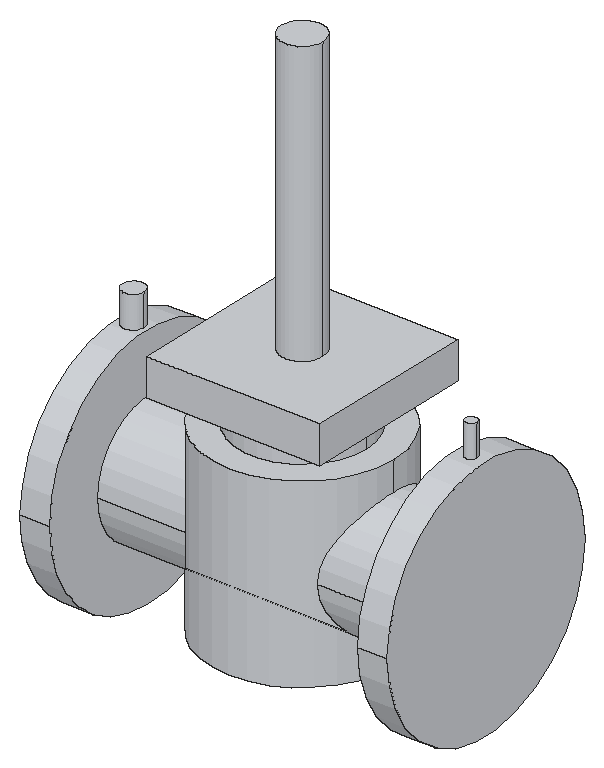
Revit family "OPTIMA_Compact_FLANGE_PN25_DN100-LF_RFA_2018", category Pipe Accessories, Revit 2018
Family settings
  Round Connector Dimension = Use Diameter
  Part Type = Valve - Breaks Into
  Work Plane-Based = No
  Always vertical = Yes
  Cut with Voids When Loaded = No
  Shared = No
Parameters (values of type "Optima Compact Flange PN25 DN100 LF")
  magiProductId = "Frese Optima Flange DN100 LF"
  magiProductFamilyId = "Frese Optima Flange *"
  magiPartTypeId = 304
  isMeasuringValve [instance] = no
  ang2D [instance] = 0.00°
  W2D = 50 mm
  VersionID = "2.0/2018.8.28.1/FRESE_OPTIMA_FLANGE_Q13_002"
  Use Minimum Symbol Size [instance] = yes
  URL = "www.hydronic.cz"
  Type Comments = "Přírubový; PN25; 0~120°C, s měřením"
  R4 = 61.25 mm
  R3 = 61.1 mm
  R1 = 87.5 mm
  QmdConnectorList = "301;D;302;D"
  Productdata [instance] = ""
  Manufacturer = "Hydronic Systems Prague s.r.o."
  MC Product Code = "53-1223 (DN100 LF; 40mm; pohon min 1000N; Qmin-dpmin 12100l/h-20.0kPa; Qmax-dpmin 68000l/h-35.0kPa; dpmax 800kPa)"
  MC Piping Given Pressure Drop [instance] = 0.0 Pa
  LF__ve = -LF  # -28 mm
  LF2 = 14 mm
  LF = 28 mm
  L4 = 164.5 mm
  L3 = 294 mm
  L2D_Min = 3048 mm
  L2D = 230 mm
  L2 = 175 mm
  H6 = 268.75 mm
  H4 = 35.25 mm
  H3 = 29.375 mm
  H2 = 88.125 mm
  H1 = 176.25 mm
  Description = "Tlakově nezávislý 2-cestný regulační vyvažovací ventil (PICV)"
  DF2 = 117.5 mm
  D = 100 mm
  CAT0 = yes
Types (14, lengths in mm): name | magiProductId | magiProductFamilyId | W2D | Type Comments | R4 | R3 | R1 | MC Product Code | LF__ve | LF2 | LF | L4 | L3 | L2D | L2 | H6 | H4 | H3 | H2 | H1 | DF2 | D
  Optima Compact Flange PN25 DN050 LF | "Frese Optima Flange DN050 LF" | "Frese Optima Flange *" | 50 | "Přírubový; PN25; 0~120°C, s měřením" | 40.3 | 42.9 | 57.5 | "53-1220 (DN50 LF; 20mm; pohon min 1000N; Qmin-dpmin 2500l/h-6.5kPa; Qmax-dpmin 15000l/h-20.0kPa; dpmax 800kPa)" | -18.4 | 9.2 | 18.4 | 108.1 | 193.2 | 230 | 115 | 157.3 | 24.8 | 20.6 | 61.9 | 123.8 | 82.5 | 50
  Optima Compact Flange PN25 DN050 HF | "Frese Optima Flange DN050 HF" | "Frese Optima Flange *" | 50 | "Přírubový; PN25; 0~120°C, s měřením" | 40.25 | 42.9 | 57.5 | "53-1230 (DN50 HF; 20mm; pohon min 1000N; Qmin-dpmin 3900l/h-19.0kPa; Qmax-dpmin 24000l/h-50.0kPa; dpmax 800kPa)" | -18.4 | 9.2 | 18.4 | 108.1 | 193.2 | 230 | 115 | 157.25 | 24.75 | 20.625 | 61.875 | 123.75 | 82.5 | 50
  Optima Compact Flange PN25 DN065 LF | "Frese Optima Flange DN065 LF" | "Frese Optima Flange *" | 50 | "Přírubový; PN25; 0~120°C, s měřením" | 50.75 | 48.1 | 72.5 | "53-1221 (DN65 LF; 20mm; pohon min 1000N; Qmin-dpmin 4400l/h-15.0kPa; Qmax-dpmin 25000l/h-25.0kPa; dpmax 800kPa)" | -23.2 | 11.6 | 23.2 | 136.3 | 243.6 | 230 | 145 | 171.25 | 27.75 | 23.125 | 69.375 | 138.75 | 92.5 | 65
  Optima Compact Flange PN25 DN065 HF | "Frese Optima Flange DN065 HF" | "Frese Optima Flange *" | 50 | "Přírubový; PN25; 0~120°C, s měřením" | 50.75 | 48.1 | 72.5 | "53-1231 (DN65 HF; 20mm; pohon min 1000N; Qmin-dpmin 6000l/h-30.0kPa; Qmax-dpmin 35000l/h-55.0kPa; dpmax 800kPa)" | -23.2 | 11.6 | 23.2 | 136.3 | 243.6 | 230 | 145 | 171.25 | 27.75 | 23.125 | 69.375 | 138.75 | 92.5 | 65
  Optima Compact Flange PN25 DN080 LF | "Frese Optima Flange DN080 LF" | "Frese Optima Flange *" | 50 | "Přírubový; PN25; 0~120°C, s měřením" | 54.25 | 52 | 77.5 | "53-1222 (DN80 LF; 20mm; pohon min 1000N; Qmin-dpmin 5300l/h-16.0kPa; Qmax-dpmin 34000l/h-25.0kPa; dpmax 800kPa)" | -24.8 | 12.4 | 24.8 | 145.7 | 260.4 | 230 | 155 | 183 | 30 | 25 | 75 | 150 | 100 | 80
  Optima Compact Flange PN25 DN080 HF | "Frese Optima Flange DN080 HF" | "Frese Optima Flange *" | 50 | "Přírubový; PN25; 0~120°C, s měřením" | 54.25 | 52 | 77.5 | "53-1232 (DN80 HF; 20mm; pohon min 1000N; Qmin-dpmin 7000l/h-23.0kPa; Qmax-dpmin 43000l/h-50.0kPa; dpmax 800kPa)" | -24.8 | 12.4 | 24.8 | 145.7 | 260.4 | 230 | 155 | 183 | 30 | 25 | 75 | 150 | 100 | 80
  Optima Compact Flange PN25 DN100 LF | "Frese Optima Flange DN100 LF" | "Frese Optima Flange *" | 50 | "Přírubový; PN25; 0~120°C, s měřením" | 61.25 | 61.1 | 87.5 | "53-1223 (DN100 LF; 40mm; pohon min 1000N; Qmin-dpmin 12100l/h-20.0kPa; Qmax-dpmin 68000l/h-35.0kPa; dpmax 800kPa)" | -28 | 14 | 28 | 164.5 | 294 | 230 | 175 | 268.75 | 35.25 | 29.375 | 88.125 | 176.25 | 117.5 | 100
  Optima Compact Flange PN25 DN100 HF | "Frese Optima Flange DN100 HF" | "Frese Optima Flange *" | 50 | "Přírubový; PN25; 0~120°C, s měřením" | 61.25 | 61.1 | 87.5 | "53-1233 (DN100 HF; 40mm; pohon min 1000N; Qmin-dpmin 14800l/h-30.0kPa; Qmax-dpmin 90000l/h-75.0kPa; dpmax 800kPa)" | -28 | 14 | 28 | 164.5 | 294 | 230 | 175 | 268.75 | 35.25 | 29.375 | 88.125 | 176.25 | 117.5 | 100
  Optima Compact Flange PN25 DN125 LF | "Frese Optima Flange DN125 LF" | "Frese Optima Flange *" | 50 | "Přírubový; PN25; 0~120°C, s měřením" | 70 | 70.2 | 100 | "53-1224 (DN125 LF; 40mm; pohon min 1000N; Qmin-dpmin 18500l/h-16.0kPa; Qmax-dpmin 110000l/h-35.0kPa; dpmax 800kPa)" | -32 | 16 | 32 | 188 | 336 | 230 | 200 | 275.5 | 40.5 | 33.75 | 101.25 | 202.5 | 135 | 125
  Optima Compact Flange PN25 DN125 HF | "Frese Optima Flange DN125 HF" | "Frese Optima Flange *" | 50 | "Přírubový; PN25; 0~120°C, s měřením" | 70 | 70.2 | 100 | "53-1234 (DN125 HF; 40mm; pohon min 1000N; Qmin-dpmin 23000l/h-27.0kPa; Qmax-dpmin 135000l/h-53.0kPa; dpmax 800kPa)" | -32 | 16 | 32 | 188 | 336 | 230 | 200 | 275.5 | 40.5 | 33.75 | 101.25 | 202.5 | 135 | 125
  Optima Compact Flange PN25 DN150 LF | "Frese Optima Flange DN150 LF" | "Frese Optima Flange *" | 50 | "Přírubový; PN25; 0~110°C, s měřením" | 84 | 74.1 | 120 | "53-1225 (DN150 LF; 43mm; pohon min 1500N; Qmin-dpmin 25600l/h-21.0kPa; Qmax-dpmin 148000l/h-35.0kPa; dpmax 800kPa)" | -38.4 | 19.2 | 38.4 | 225.6 | 403.2 | 230 | 240 | 279.25 | 42.75 | 35.625 | 106.875 | 213.75 | 142.5 | 150
  Optima Compact Flange PN25 DN150 HF | "Frese Optima Flange DN150 HF" | "Frese Optima Flange *" | 50 | "Přírubový; PN25; 0~110°C, s měřením" | 84 | 74.1 | 120 | "53-1235 (DN150 HF; 43mm; pohon min 1500N; Qmin-dpmin 32000l/h-33.0kPa; Qmax-dpmin 195000l/h-65.0kPa; dpmax 800kPa)" | -38.4 | 19.2 | 38.4 | 225.6 | 403.2 | 230 | 240 | 279.25 | 42.75 | 35.625 | 106.875 | 213.75 | 142.5 | 150
  Optima Compact Flange PN25 DN200 LF | "" | "" | 100 | "Přírubový; PN25; 0~110°C, s měřením" | 164.5 | 98.8 | 235 | "53-1226 (DN200 LF; 43mm; pohon min 1500N; Qmin-dpmin 95000l/h-11.0kPa; Qmax-dpmin 210000l/h-32.0kPa; dpmax 800kPa)" | -48 | 24 | 48 | 282 | 504 | 350 | 300 | 281 | 57 | 15 | 209 | 380 | 190 | 200
  Optima Compact Flange PN25 DN200 HF | "" | "" | 100 | "Přírubový; PN25; 0~110°C, s měřením" | 164.5 | 98.8 | 235 | "53-1236 (DN200 HF; 43mm; pohon min 1500N; Qmin-dpmin 130000l/h-31.0kPa; Qmax-dpmin 280000l/h-78.0kPa; dpmax 800kPa)" | -48 | 24 | 48 | 282 | 504 | 350 | 300 | 281 | 57 | 15 | 209 | 380 | 190 | 200
Reference planes
  plane 1 "Center (Front/Back)": y = 0
  plane 2 "XYPLANE": z = 0
  plane 3 "Center (Left/Right)": x = 0
  plane 4 "157": x = 161
  plane 5 "156": x = -161
  plane 6 "155": z = 117.5
  plane 7 "154": z = 152.75
  plane 8 "153": z = 117.5
  plane 9 "152": z = 88.125
  plane 10 "151": x = -147
  plane 11 "150": z = -88.125
  plane 12 "149": x = 0
  plane 13 "148": y = 0
  plane 14 "147": z = 0
  plane 15 "146": x = -175
  plane 16 "145": x = 175
Forms (mm)
  Extrusion 1, solid, visible <- "CAT0"
    sketch origin (-750, 0, 117.5) x (1, 0, 0) y (0, 1, 0)
      loop
        circle (911, 0) r 5.5
    from 0 to 30
  Extrusion 2, solid, visible <- "CAT0"
    sketch origin (-750, 0, 117.5) x (1, 0, 0) y (0, 1, 0)
      loop
        circle (589, 0) r 10.3
    from 0 to 30
  Extrusion 3, solid, visible <- "CAT0"
    sketch origin (-750, 0, 152.75) x (1, 0, 0) y (0, 1, 0)
      loop
        circle (750, 0) r 20
    from 0 to 268.75 <- "H6"
  Extrusion 4, solid, visible <- "CAT0"
    sketch origin (-750, 0, 117.5) x (1, 0, 0) y (0, 1, 0)
      loop
        line (832.25, 82.25) -> (667.75, 82.25) -> (667.75, -82.25) -> (832.25, -82.25) -> (832.25, 82.25)
    from 0 to 35.25 <- "H4"
  Extrusion 5, solid, visible <- "CAT0"
    sketch origin (-750, 0, 88.125) x (1, 0, 0) y (0, 1, 0)
      loop
        circle (750, 0) r 61.25
    from 0 to 29.375 <- "H3"
  Extrusion 6, solid, visible <- "CAT0"
    sketch origin (-147, -750, 0) x (0, 1, 0) y (0, 0, 1)
      loop
        circle (750, 0) r 61.1
    from 0 to 294 <- "L3"
  Extrusion 7, solid, visible <- "CAT0"
    sketch origin (-750, 0, -88.125) x (1, 0, 0) y (0, 1, 0)
      loop
        circle (750, 0) r 87.5
    from 0 to 176.25 <- "H1"
  Extrusion 8, solid, visible <- "CAT0"
    sketch origin (-175, -750, 0) x (0, 1, 0) y (0, 0, 1)
      loop
        circle (750, 0) r 117.5
    from 0 to 28 <- "LF"
  Extrusion 9, solid, visible <- "CAT0"
    sketch origin (175, -750, 0) x (0, 1, 0) y (0, 0, 1)
      loop
        circle (750, 0) r 117.5
    from 0 to -28 <- "LF__ve"
  Extrusion 10, solid, not visible
    sketch origin (-175, -750, 0) x (0, 1, 0) y (0, 0, 1)
      loop
        circle (750, 0) r 10
    from 0 to 10
  Extrusion 11, solid, not visible
    sketch origin (175, -750, 0) x (0, 1, 0) y (0, 0, 1)
      loop
        circle (750, 0) r 10
    from 0 to -10
Lines and regions (mm)
  reference lines, not visible
    curve 1: circle (2, 2, 0) r 1 normal (0, 0, 1)
  reference lines
    curve 2: circle (0, 0, 117.5) r 1 normal (0, 0, 1)
Dimensions and locks
  plane 1 "Center (Front/Back)" to curve 1 = 2 mm
  "LF2": plane 16 "145" to plane 4 "157"
  "LF2": plane 15 "146" to plane 5 "156"
  "DF2": plane 2 "XYPLANE" to plane 6 "155"
  "H4": plane 8 "153" to plane 7 "154"
  "H3": plane 9 "152" to plane 8 "153"
  "H1": plane 11 "150" to plane 9 "152"
  "LF": plane 15 "146" to plane 10 "151"
  "H2": plane 2 "XYPLANE" to plane 11 "150"
  locked: plane 3 "Center (Left/Right)" to plane 12 "149"
  locked: plane 1 "Center (Front/Back)" to plane 13 "148"
  locked: plane 2 "XYPLANE" to plane 14 "147"
  "L2": plane 3 "Center (Left/Right)" to plane 15 "146"
  "L2": plane 3 "Center (Left/Right)" to plane 16 "145"
  equal spacing: Extrusion 4 sketch curve, curve 2, Extrusion 4 sketch curve  (x2)
  "L4": Extrusion 4 sketch curve to Extrusion 4 sketch curve  (x2)
  Extrusion 4 sketch curve to Extrusion 4 sketch curve = 0 mm  (x8)
  "R4": radius of Extrusion 5 sketch curve
  "R3": radius of Extrusion 6 sketch curve
  "R1": radius of Extrusion 7 sketch curve
  "DF2": radius of Extrusion 8 sketch curve
  "DF2": radius of Extrusion 9 sketch curve
  aligned and locked: level to plane 2 "XYPLANE"
  aligned and locked: plane 4 "157" to Extrusion 1 sketch curve
  aligned and locked: plane 13 "148" to Extrusion 1 sketch curve
  aligned and locked: plane 5 "156" to Extrusion 2 sketch curve
  aligned and locked: plane 13 "148" to Extrusion 2 sketch curve
  aligned and locked: plane 12 "149" to Extrusion 3 sketch curve
  aligned and locked: plane 13 "148" to Extrusion 3 sketch curve
  aligned and locked: plane 12 "149" to curve 2
  aligned and locked: plane 13 "148" to curve 2
  aligned and locked: plane 12 "149" to Extrusion 5 sketch curve
  aligned and locked: plane 13 "148" to Extrusion 5 sketch curve
  aligned and locked: Extrusion 6 sketch curve to plane 13 "148"
  aligned and locked: plane 14 "147" to Extrusion 6 sketch curve
  aligned and locked: plane 12 "149" to Extrusion 7 sketch curve
  aligned and locked: plane 13 "148" to Extrusion 7 sketch curve
  aligned and locked: Extrusion 8 sketch curve to plane 13 "148"
  aligned and locked: plane 14 "147" to Extrusion 8 sketch curve
  aligned and locked: Extrusion 9 sketch curve to plane 13 "148"
  aligned and locked: plane 14 "147" to Extrusion 9 sketch curve
  aligned and locked: Extrusion 10 sketch curve to plane 13 "148"
  aligned and locked: plane 14 "147" to Extrusion 10 sketch curve
  aligned and locked: Extrusion 11 sketch curve to plane 13 "148"
  aligned and locked: plane 14 "147" to Extrusion 11 sketch curve
Automatic sketch dimensions
  Extrusion 1 sketch curve to plane 4 "157" = 5.5 mm
  plane 15 "146" to Extrusion 2 sketch curve = 3.7 mm
  Extrusion 3 sketch curve to plane 3 "Center (Left/Right)" = 20 mm
  plane 1 "Center (Front/Back)" to Extrusion 10 sketch curve = 10 mm
  plane 1 "Center (Front/Back)" to Extrusion 11 sketch curve = 10 mm
  plane 3 "Center (Left/Right)" to curve 1 = 2 mm
  plane 10 "151" to Extrusion 4 sketch curve = 64.75 mm
  plane 1 "Center (Front/Back)" to Extrusion 4 sketch curve = 82.25 mm
  radius of curve 2 = 1 mm
  radius of curve 1 = 1 mm
Connectors
  piping at (-175, 0, 0), diameter 100, driven by "D"
    settings: on Extrusion 10, index 1, connector inside diameter 609.6 mm, connector length 0 mm, flow factor 0, pipe flow 0.0 L/s, pressure drop 0.0 Pa, fitting loss kfactor 0, connector angle 0.00°, fixture units 0, engagement length 0 mm, angle of deflection 0.00°, flow configuration 0, flow direction 0, fitting loss method 0, system type 29, joint type 0, gender type 0, connector reference index 2, connector utility 0, adjustable connector no, is connector primary yes, connector description ""
  piping at (175, 0, 0), diameter 100, driven by "D"
    settings: on Extrusion 11, index 2, connector inside diameter 609.6 mm, connector length 0 mm, flow factor 0, pipe flow 0.0 L/s, pressure drop 0.0 Pa, fitting loss kfactor 0, connector angle 0.00°, fixture units 0, engagement length 0 mm, angle of deflection 0.00°, flow configuration 0, flow direction 0, fitting loss method 0, system type 29, joint type 0, gender type 0, connector reference index 1, connector utility 0, adjustable connector no, is connector primary no, connector description ""
